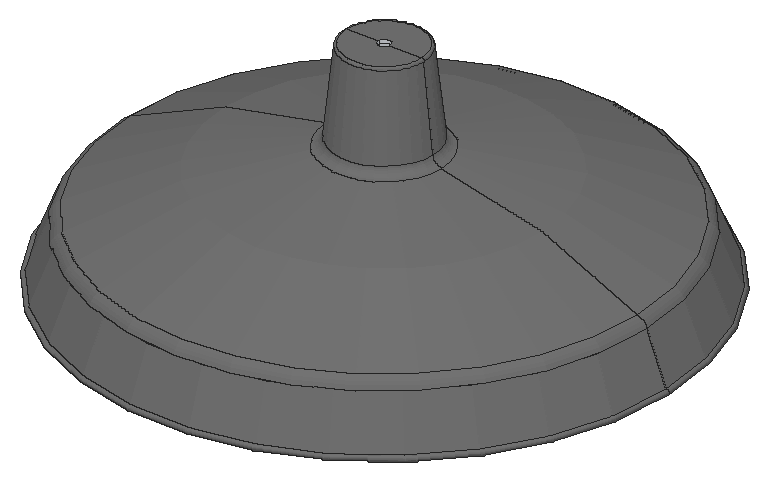
Revit family "MW529 SHADE", category Lighting Fixtures, Revit 2024
Family settings
  Round Connector Dimension = Use Diameter
  Part Type = Normal
  OmniClass Number = 23.80.70.00
  OmniClass Title = Lighting
  Work Plane-Based = No
  Always vertical = Yes
  Cut with Voids When Loaded = No
  Light Source = Yes
  Maintain Annotation Orientation = No
  Shared = No
  Room Calculation Point = No
Parameters
  Wattage = 12.1178 W
  built-in parameter 1150110 = 1 (stored number, unit not read)
  built-in parameter 1114217 = 1 (stored number, unit not read)
  built-in parameter 1150109 = 1 (stored number, unit not read)
  built-in parameter 1150134 = (empty or 0)
  built-in parameter 1150113 = 1 (stored number, unit not read)
  Lumens = 1800 lm
  built-in parameter 1150115 = 1 (stored number, unit not read)
  built-in parameter 1150105 = 572.96 (stored number, unit not read)
  Light Source Symbol Size = 2' - 0"
  built-in parameter 1150137 = (empty or 0)
  built-in parameter 1150139 = (empty or 0)
  built-in parameter 1150112 = 1 (stored number, unit not read)
  built-in parameter 1150114 = 1 (stored number, unit not read)
  built-in parameter 1150132 = 2
  built-in parameter 1150102 = (empty or 0)
  built-in parameter 1150138 = (empty or 0)
  built-in parameter 1150107 = 3000 (stored number, unit not read)
  built-in parameter 1150106 = 5.7296 (stored number, unit not read)
  built-in parameter 1150104 = 13.8 (stored number, unit not read)
  Dimming Lamp Color Temperature Shift = (empty or 0)
  Default Elevation = 0' - 0"
  Color Filter = 16777215
  built-in parameter 1114218 = 1 (stored number, unit not read)
  built-in parameter 1150133 = 10 (stored number, unit not read)
Reference planes (in)
  plane 1 "Light Source Axis (F/B)": y = 0
  plane 2: z = 0
  plane 3 "Light Source Axis (L/R)": x = 0
  plane 4 "Light Source Elevation": z = 96
Forms (in)
  Revolve 1, solid
    sketch origin (0, 0, 0) x (1, 0, 0) y (0, 0, 1)
      loop
        line (-0.3, 107) -> (-1.90116, 107)
        arc (-1.90116, 107) -> (-1.97979, 106.96743) -> (-2.01236, 106.8888) r 0.1112
        line (-2.01236, 106.8888) -> (-2.46851, 102.78343)
        arc (-2.46851, 102.78343) -> (-2.62492, 102.47203) -> (-2.94647, 102.33772) r 0.50151
        arc (-2.94647, 102.33772) -> (-8.09453, 101.24984) -> (-12.93127, 99.17816) r 26.83036
        arc (-12.93127, 99.17816) -> (-13.20082, 98.96168) -> (-13.38055, 98.66636) r 1
        line (-13.38055, 98.66636) -> (-14.32609, 96.25)
        arc (-14.32609, 96.25) -> (-14.49986, 96.125) -> (-14.32609, 96) r 0.13185
        line (-14.32609, 96) -> (-14.28968, 96) -> (-14.20968, 96.20445) -> (-13.26415, 98.62081)
        arc (-13.26415, 98.62081) -> (-13.10688, 98.87922) -> (-12.87103, 99.06863) r 0.875
        arc (-12.87103, 99.06863) -> (-8.05876, 101.13005) -> (-2.9368, 102.21303) r 26.70536
        arc (-2.9368, 102.21303) -> (-2.538, 102.38217) -> (-2.34427, 102.76962) r 0.62651
        line (-2.34427, 102.76962) -> (-1.88812, 106.875) -> (-0.3, 106.875) -> (-0.3, 107)
      axis (0, 96) -> (0, 107)
    angle from 0 to 360
Dimensions and locks (in)
  aligned and locked: plane 3 "Light Source Axis (L/R)" to imposter light
  aligned and locked: plane 1 "Light Source Axis (F/B)" to imposter light
  aligned and locked: plane 4 "Light Source Elevation" to imposter light
  aligned and locked: level to plane 2
